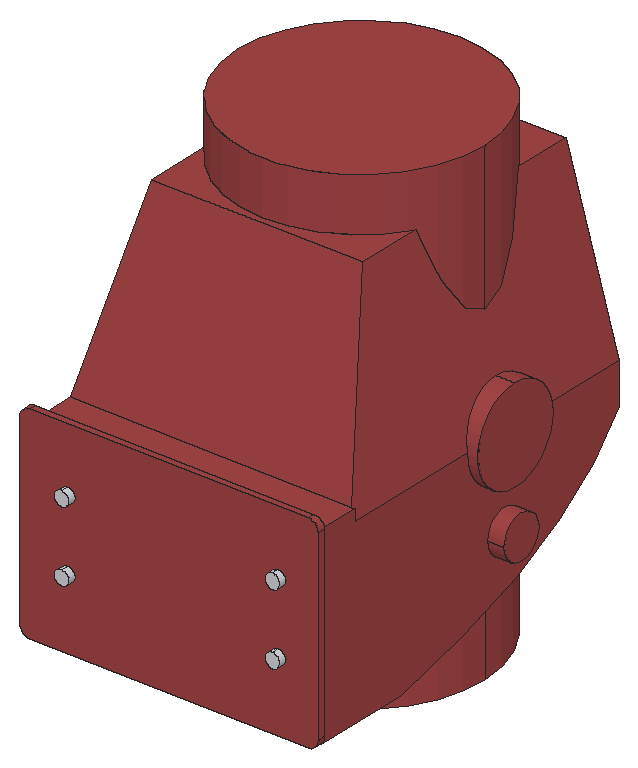
Revit family
Parameters (values of type "8" GG (PN 08547)")
  Weight = 106.00 lbf
  Viking Part Number = "08547"
  Valve extrude depth = 10.000"
  Valve Radius = Valve Diameter / 2  # 4.3125"
  Valve Height = 17.000"
  Valve Diameter = 8.625"
  Valve Body Top Offset = 15.125"
  Valve Body Bottom Offset = 2.000"
  URL = "http://www.vikinggroupinc.com/databook/checkvalves/102688.pdf"
  Rev. Date = "05-10-10"
  Pressure Rating = 250.00 psi
  Outlet Back Top Boss Offset = 4.813"
  Outlet Back Bottom Boss Offset = 4.813"
  Model = "G-1"
  Manufacturer = "The Viking Corporation"
  Main Drain Height = 8.313"
  Main Drain Extrude Right = 5.375"
  Main Drain Extrude Radius = 1.633"
  Gauge System Height = 14.125"
  Gauge Supply Height = 2.250"
  Gauge System Extrude = 4.750"
  Gauge Supply Extrude = 4.547"
  Friction Loss (Feet of Sch 40 Pipe) = 23.000"
  Flange Top Radius = 0.250"
  Flange Thickness = 1.125"
  Flange Bottom Radius = 0.250"
  Face Top = 8.750"
  Face Right = 8.000"
  Description = "Swing Check Valve"
  Connector Radius = 4.000"
  Bolts spacing Hor = 7.375"
  Bolts Spacing Top = 6.859"
  Bolts Spacing Bottom = 4.375"
  Bolt Start = 8.250"
  Body Right = 4.539"
  Body Left = 5.000"
  Body Bend Vert = 8.750"
  Body Bend Hoz = 6.551"
  Assembly Code = ""
  Alarm Line Back Top CL = 14.125"
  Alarm Line Back Bottom CL = 2.500"
  Alarm Drain cl = 5.176"
  Alarm Drain Extrude = 5.590"
Types (4): name | Weight | Viking Part Number | Valve extrude depth | Valve Radius | Valve Height | Valve Diameter | Valve Body Top Offset | Rev. Date | Outlet Back Top Boss Offset | Outlet Back Bottom Boss Offset | Main Drain Height | Main Drain Extrude Right | Main Drain Extrude Radius | Gauge System Height | Gauge Supply Height | Gauge System Extrude | Gauge Supply Extrude | Friction Loss (Feet of Sch 40 Pipe) | Flange Thickness | Face Top | Face Right | Connector Radius | Bolts spacing Hor | Bolts Spacing Top | Bolts Spacing Bottom | Bolt Start | Body Right | Body Left | Body Bend Vert | Body Bend Hoz | Alarm Line Back Top CL | Alarm Line Back Bottom CL | Alarm Drain cl | Alarm Drain Extrude
  4" GG (PN 08539) | 27.00 lbf | "08539" | 6.250" | 2.250" | 10.605" | 4.500" | 9.250" | "" | 2.813" | 2.813" | 7.375" | 3.625" | 1.633" | 8.375" | 1.875" | 2.750" | 2.500" | 13.000" | 0.938" | 5.398" | 4.602" | 2.000" | 4.250" | 4.625" | 2.875" | 4.898" | 2.250" | 3.188" | 5.801" | 3.688" | 8.375" | 2.250" | 3.313" | 3.875"
  8" GG (PN 08547) | 106.00 lbf | "08547" | 10.000" | 4.3125" | 17.000" | 8.625" | 15.125" | "05-10-10" | 4.813" | 4.813" | 8.313" | 5.375" | 1.633" | 14.125" | 2.250" | 4.750" | 4.547" | 23.000" | 1.125" | 8.750" | 8.000" | 4.000" | 7.375" | 6.859" | 4.375" | 8.250" | 4.539" | 5.000" | 8.750" | 6.551" | 14.125" | 2.500" | 5.176" | 5.590"
  6" GG (PN 08543) | 51.00 lbf | "08543" | 8.098" | 3.3125" | 13.367" | 6.625" | 12.152" | "" | 3.773" | 3.813" | 10.125" | 4.375" | 1.633" | 11.125" | 1.875" | 3.750" | 3.555" | 20.000" | 1.000" | 6.688" | 5.961" | 4.000" | 6.125" | 5.438" | 3.313" | 6.211" | 3.734" | 4.063" | 6.688" | 5.379" | 11.125" | 2.250" | 4.000" | 4.750"
  3" GG (PN 08536) | 20.00 lbf | "08536" | 5.375" | 1.750" | 10.188" | 3.500" | 9.000" | "" | 2.438" | 1.938" | 7.250" | 3.125" | 1.258" | 8.000" | 1.813" | 2.500" | 1.949" | 10.000" | 0.750" | 5.125" | 4.000" | 4.000" | 3.500" | 4.625" | 2.875" | 4.250" | 2.250" | 2.250" | 5.500" | 3.000" | 7.750" | 2.250" | 3.313" | 3.375"
Reference planes (in)
  plane 1 "Center (Front/Back)": y = 0
  plane 2 "Valve Bottom": z = 0
  plane 3 "Center (Left/Right)": x = 0
  plane 4 "Valve Top": z = 17
  plane 5 "Drain cl": z = 8.313
  plane 6 "Gauge Supply CL": z = 2.25
  plane 7 "Gauge System CL": z = 14.125
  plane 8 "body Bottom": z = 2
  plane 9 "Body Top": z = 15.125
  plane 10 "Face Top": z = 8.75
  plane 11 "Body Bend Vertical": z = 8.75
  plane 12 "Face Right": y = -8
  plane 13 "Body Bend Horizontal": y = -6.551
  plane 14 "Body Right": y = -4.539
  plane 15 "Body Left": y = 5
  plane 16 "Left": x = -5
  plane 17 "Right": x = 5
  plane 18 "Bolts Top": z = 6.859
  plane 19 "Bolts Bottom": z = 4.375
  plane 20 "Bolts Left": x = -3.6875
  plane 21 "Bolts Right": x = 3.6875
  plane 22 "Bolts Start": y = -8.25
  plane 23 "Cover Overhang Left": x = -5.35
  plane 24 "cover overhang bottom": z = 1.905
  plane 25 "Cover Overhang Top": z = 9.1
  plane 26 "Cover Overhang Right": x = 5.35
  plane 27 "Bolts End": y = -8.5
  plane 28 "Valve Diameter tangent left": x = -4.3125
  plane 29 "Valve Diameter tangent right": x = 4.3125
  plane 30 "Drain Extrude Right": x = 5.375
  plane 31 "Gauge System Extrude": x = -4.75
  plane 32 "Gauge Supply Extrude": x = -4.547
  plane 33 "Alarm Drain extrude": x = 5.59
  plane 34 "Alarm Drain CL": z = 5.176
  plane 35 "Pipe Tangent back": y = 4.3125
  plane 36 "Flange Bottom Length": z = 1.125
  plane 37 "Flange Top Length": z = 15.875
  plane 38 "Spline Hor": y = 2.828
  plane 39 "Outlet Back Top Boss Offset": y = 4.813
  plane 40 "Outlet Back Bottom Boss Offset": y = 4.813
  plane 41 "Alarm Line Back Bottom CL": z = 2.5
  plane 42 "Alarm Line Back Top CL": z = 14.125
Forms (in)
  Extrusion 1, solid, material "Valve"
    sketch origin (0, 0, 0) x (0, 1, 0) y (0, 0, 1)
      loop
        line (5, 15.125) -> (-4.539, 15.125) -> (-6.551, 8.75) -> (-8, 8.75) -> (-8, 2) -> (5, 2) -> (5, 15.125)
    from -5 to 5
  Extrusion 2, void
    sketch origin (0, 0, 0) x (0, 1, 0) y (0, 0, 1)
      loop
        line (4.5, 2) -> (5, 2) -> (5, 4.25)
        spline (5, 4.25) -> (4.99572, 3.95632) -> (4.98296, 3.66766) -> (4.96194, 3.38896) -> (4.93301, 3.125) -> (4.89668, 2.88029) -> (4.85355, 2.65901) -> (4.80438, 2.46495) -> (4.75, 2.30144) -> (4.69134, 2.17127) -> (4.62941, 2.07667) -> (4.56526, 2.01925) -> (4.5, 2)
    from -5 to 5
  Extrusion 3, solid, material "Valve", detail levels fine
    sketch origin (0, -8, 0) x (0, 0, 1) y (-1, 0, 0)
      loop
        line (8.75, 5.35) -> (2.255, 5.35)
        arc (2.255, 5.35) -> (2.00751, 5.24749) -> (1.905, 5) r 0.35
        line (1.905, 5) -> (1.905, -4.745)
        arc (1.905, -4.745) -> (2.00751, -4.99249) -> (2.255, -5.095) r 0.35
        line (2.255, -5.095) -> (8.75, -5.095)
        arc (8.75, -5.095) -> (8.99749, -4.99249) -> (9.1, -4.745) r 0.35
        line (9.1, -4.745) -> (9.1, 5)
        arc (9.1, 5) -> (8.99749, 5.24749) -> (8.75, 5.35) r 0.35
    from 0 to 0.25
  Extrusion 4, solid, material "Valve"
    sketch origin (0, 0, 0) x (0, 1, 0) y (0, 0, 1)
      loop
        circle (0, 14.125) r 0.54
    from 0 to -4.75
  Extrusion 5, solid, material "Valve"
    sketch origin (0, 0, 0) x (0, 1, 0) y (0, 0, 1)
      loop
        circle (0, 5.176) r 0.75
    from 0 to 5.59
  Extrusion 6, solid, detail levels fine
    sketch origin (0, -8.25, 0) x (0, 0, 1) y (-1, 0, 0)
      loop
        circle (6.859, 3.6875) r 0.25
      loop
        circle (6.859, -3.6875) r 0.25
      loop
        circle (4.375, -3.6875) r 0.25
      loop
        circle (4.375, 3.6875) r 0.25
    from 0 to 0.25
  Extrusion 7, solid, material "Valve"
    sketch origin (0, 0, 0) x (1, 0, 0) y (0, 1, 0)
      loop
        circle (0, 0) r 4.3125
    from 0.255 to 17
  Extrusion 8, solid, material "Valve"
    sketch origin (-5, 0, 0) x (0, 0, 1) y (0, -1, 0)
      loop
        circle (2.25, 0) r 0.54
    from 0.453 to 5
  Extrusion 9, solid, material "Valve", detail levels fine
    sketch origin (5, 0, 0) x (0, 0, -1) y (0, -1, 0)
      loop
        circle (-8.313, 0) r 1.633
    from -0.375 to 5
  Extrusion 10, solid, material "Valve"
    sketch origin (0, 0, 0) x (1, 0, 0) y (0, 1, 0)
      loop
        circle (0, 0) r 0.25
    from 0.255 to 1.125
  Extrusion 11, void
    sketch origin (-5, 0, 0) x (0, 0, 1) y (0, -1, 0)
      loop
        line (2, 4.539) -> (2, -5) -> (6.859, -5)
        spline (6.859, -5) -> (6.31221, -4.602) -> (5.79121, -4.13184) -> (5.29601, -3.5895) -> (4.82661, -2.975) -> (4.383, -2.28834) -> (3.96518, -1.52951) -> (3.57316, -0.69851) -> (3.20694, 0.20466) -> (2.86651, 1.18) -> (2.55188, 2.2275) -> (2.26304, 3.34717) -> (2, 4.539)
    from 0 to 10
  Extrusion 12, solid, material "Valve"
    sketch origin (0, 0, 0) x (1, 0, 0) y (0, 1, 0)
      loop
        circle (0, 0) r 0.25
    from 15.875 to 17
  Extrusion 13, void
    sketch origin (-5, 0, 0) x (0, 0, 1) y (0, -1, 0)
      loop
        line (8.313, -5) -> (15.125, -5) -> (15.125, -4.3125) -> (8.313, -5)
    from 0 to 10
  Extrusion 14, void
    sketch origin (0, 5, 0) x (0, 0, 1) y (-1, 0, 0)
      loop
        line (8.313, -5) -> (15.125, -5) -> (15.125, -3.6875) -> (8.313, -5)
    from 0 to 11.551
  Extrusion 15, void
    sketch origin (0, -4.539, 0) x (0, 0, 1) y (-1, 0, 0)
      loop
        line (8.313, 5) -> (15.125, 3.6875) -> (15.125, 5) -> (8.313, 5)
    from -9.539 to 12
  Extrusion 16, solid, detail levels fine
    sketch origin (0, 5, 0) x (0, 0, 1) y (-1, 0, 0)
      loop
        circle (14.125, 0) r 0.42
    from 0.187 to 5
  Extrusion 17, solid
    sketch origin (0, 5, 0) x (0, 0, 1) y (-1, 0, 0)
      loop
        circle (2.5, 0) r 0.5
    from 0.187 to 5
Cuts and joins
  Extrusion 11 cuts Extrusion 9
  Extrusion 2, Extrusion 11, Extrusion 13, Extrusion 14, Extrusion 15 cuts Extrusion 1
  Extrusion 11 cuts Extrusion 4
  Extrusion 11 cuts Extrusion 5
  Extrusion 13 cuts Extrusion 7
  Extrusion 14, Extrusion 15 cuts Extrusion 12
  joined: Extrusion 1, Extrusion 4, Extrusion 5, Extrusion 7, Extrusion 8, Extrusion 10, Extrusion 12
Lines and regions (in)
  model lines, detail levels fine
    curve 1: line (-5, -4.539, 2) -> (-5, 5, 6.859)
Dimensions and locks (in)
  "Valve Height": plane 4 "Valve Top" to plane 2 "Valve Bottom"
  "Main Drain Height": plane 5 "Drain cl" to plane 2 "Valve Bottom"
  "Gauge Supply Height": plane 6 "Gauge Supply CL" to plane 2 "Valve Bottom"
  "Gauge System Height": plane 7 "Gauge System CL" to plane 2 "Valve Bottom"
  "Valve Body Bottom Offset": plane 8 "body Bottom" to plane 2 "Valve Bottom"
  "Valve Body Top Offset": plane 9 "Body Top" to plane 2 "Valve Bottom"
  "Face Right": plane 1 "Center (Front/Back)" to plane 12 "Face Right"
  "Body Bend Hoz": plane 1 "Center (Front/Back)" to plane 13 "Body Bend Horizontal"
  "Body Right": plane 1 "Center (Front/Back)" to plane 14 "Body Right"
  "Face Top": plane 10 "Face Top" to plane 2 "Valve Bottom"
  "Body Bend Vert": plane 11 "Body Bend Vertical" to plane 2 "Valve Bottom"
  "Body Left": plane 15 "Body Left" to plane 1 "Center (Front/Back)"
  equal spacing: plane 17 "Right", plane 3 "Center (Left/Right)", plane 16 "Left"
  "Valve extrude depth": plane 17 "Right" to plane 16 "Left"
  equal spacing: plane 20 "Bolts Left", plane 3 "Center (Left/Right)", plane 21 "Bolts Right"
  "Bolts spacing Hor": plane 20 "Bolts Left" to plane 21 "Bolts Right"
  "Bolts Spacing Bottom": plane 19 "Bolts Bottom" to plane 2 "Valve Bottom"
  "Bolts Spacing Top": plane 18 "Bolts Top" to plane 2 "Valve Bottom"
  locked: plane 16 "Left" to plane 23 "Cover Overhang Left" at 0.35
  locked: plane 17 "Right" to plane 26 "Cover Overhang Right" at 0.35
  equal spacing: plane 28 "Valve Diameter tangent left", plane 3 "Center (Left/Right)", plane 29 "Valve Diameter tangent right"
  "Valve Diameter": plane 28 "Valve Diameter tangent left" to plane 29 "Valve Diameter tangent right"
  "Main Drain Extrude Right": plane 30 "Drain Extrude Right" to plane 3 "Center (Left/Right)"
  "Gauge System Extrude": plane 3 "Center (Left/Right)" to plane 31 "Gauge System Extrude"
  "Gauge Supply Extrude": plane 3 "Center (Left/Right)" to plane 32 "Gauge Supply Extrude"
  "Alarm Drain cl": plane 34 "Alarm Drain CL" to plane 2 "Valve Bottom"
  "Alarm Drain Extrude": plane 33 "Alarm Drain extrude" to plane 3 "Center (Left/Right)"
  "Bolt Start": plane 1 "Center (Front/Back)" to plane 22 "Bolts Start"
  "Valve Radius": plane 35 "Pipe Tangent back" to plane 1 "Center (Front/Back)"
  "Flange Thickness": plane 36 "Flange Bottom Length" to plane 2 "Valve Bottom"
  "Flange Thickness": plane 4 "Valve Top" to plane 37 "Flange Top Length"
  locked: plane 22 "Bolts Start" to plane 27 "Bolts End" at 0.25
  plane 8 "body Bottom" to plane 24 "cover overhang bottom" = 0.095"
  locked: plane 25 "Cover Overhang Top" to plane 10 "Face Top" at 0.35
  locked: plane 38 "Spline Hor" to plane 1 "Center (Front/Back)" at 2.828
  "Outlet Back Top Boss Offset": plane 39 "Outlet Back Top Boss Offset" to plane 1 "Center (Front/Back)"
  "Outlet Back Bottom Boss Offset": plane 40 "Outlet Back Bottom Boss Offset" to plane 1 "Center (Front/Back)"
  "Alarm Line Back Bottom CL": plane 41 "Alarm Line Back Bottom CL" to plane 2 "Valve Bottom"
  "Alarm Line Back Top CL": plane 42 "Alarm Line Back Top CL" to plane 2 "Valve Bottom"
  "Valve Radius": radius of Extrusion 7 sketch curve
  radius of Extrusion 8 sketch curve = 0.540"
  "Main Drain Extrude Radius": radius of Extrusion 9 sketch curve
  "Flange Bottom Radius": radius of Extrusion 10 sketch curve
  "Flange Top Radius": radius of Extrusion 12 sketch curve
  radius of Extrusion 16 sketch curve = 0.420"
  radius of Extrusion 17 sketch curve = 0.500"
  aligned and locked: Extrusion 1 to plane 16 "Left"
  aligned and locked: Extrusion 1 to plane 17 "Right"
  aligned and locked: Extrusion 2 to plane 17 "Right"
  aligned and locked: plane 31 "Gauge System Extrude" to Extrusion 4
  aligned and locked: plane 33 "Alarm Drain extrude" to Extrusion 5
  aligned and locked: plane 27 "Bolts End" to Extrusion 6
  aligned and locked: Extrusion 8 to plane 32 "Gauge Supply Extrude"
  aligned and locked: plane 3 "Center (Left/Right)" to Extrusion 8
  aligned and locked: Extrusion 9 to plane 30 "Drain Extrude Right"
  aligned and locked: Extrusion 9 to plane 3 "Center (Left/Right)"
  aligned and locked: Extrusion 11 to plane 17 "Right"
  aligned and locked: plane 4 "Valve Top" to Extrusion 7
  aligned and locked: plane 4 "Valve Top" to Extrusion 12
  aligned and locked: Extrusion 12 to plane 37 "Flange Top Length"
  aligned and locked: plane 36 "Flange Bottom Length" to Extrusion 10
  aligned and locked: Extrusion 13 to plane 17 "Right"
  aligned and locked: Extrusion 14 to plane 13 "Body Bend Horizontal"
  aligned and locked: plane 9 "Body Top" to Extrusion 15
  aligned and locked: plane 9 "Body Top" to Extrusion 14
  aligned and locked: cut or joined group 1 (Extrusion 1, Extrusion 2, Extrusion 4, Extrusion 5, Extrusion 7, Extrusion 8, Extrusion 10, Extrusion 11, Extrusion 12, Extrusion 13, Extrusion 14, Extrusion 15) to plane 15 "Body Left"
  aligned and locked: level to plane 2 "Valve Bottom"
  aligned and locked: Extrusion 16 to plane 39 "Outlet Back Top Boss Offset"
  aligned and locked: plane 1 "Center (Front/Back)" to Extrusion 16
  aligned and locked: plane 40 "Outlet Back Bottom Boss Offset" to Extrusion 17
  aligned and locked: plane 1 "Center (Front/Back)" to Extrusion 17
Automatic sketch dimensions
  Extrusion 1 sketch curve to plane 10 "Face Top" = 0.000"
  Extrusion 1 sketch curve to plane 12 "Face Right" = 0.000"
  Extrusion 1 sketch curve to plane 11 "Body Bend Vertical" = 0.000"
  Extrusion 1 sketch curve to plane 13 "Body Bend Horizontal" = 0.000"
  Extrusion 1 sketch curve to plane 9 "Body Top" = 0.000"
  Extrusion 1 sketch curve to plane 14 "Body Right" = 0.000"
  Extrusion 1 sketch curve to plane 15 "Body Left" = 0.000"
  Extrusion 1 sketch curve to plane 8 "body Bottom" = 0.000"
  Extrusion 2 sketch curve to plane 8 "body Bottom" = 0.000"
  Extrusion 2 sketch curve to plane 15 "Body Left" = 0.000"
  plane 19 "Bolts Bottom" to Extrusion 2 sketch curve = 0.125"
  Extrusion 2 sketch curve to Extrusion 2 sketch curve = 0.500"
  plane 17 "Right" to Extrusion 3 sketch curve = 0.255"
  Extrusion 3 sketch curve to plane 24 "cover overhang bottom" = 0.000"
  plane 8 "body Bottom" to Extrusion 3 sketch curve = 0.255"  (x2)
  Extrusion 3 sketch curve to plane 10 "Face Top" = 0.000"  (x2)
  Extrusion 3 sketch curve to plane 16 "Left" = 0.000"
  Extrusion 3 sketch curve to plane 25 "Cover Overhang Top" = 0.000"
  Extrusion 4 sketch curve to plane 1 "Center (Front/Back)" = 0.000"
  Extrusion 4 sketch curve to plane 7 "Gauge System CL" = 0.000"
  Extrusion 5 sketch curve to plane 1 "Center (Front/Back)" = 0.000"
  Extrusion 5 sketch curve to plane 34 "Alarm Drain CL" = 0.000"
  Extrusion 6 sketch curve to plane 19 "Bolts Bottom" = 0.000"  (x2)
  Extrusion 6 sketch curve to plane 18 "Bolts Top" = 0.000"  (x2)
  Extrusion 6 sketch curve to plane 21 "Bolts Right" = 0.000"  (x2)
  Extrusion 6 sketch curve to plane 20 "Bolts Left" = 0.000"  (x2)
  Extrusion 7 sketch curve to plane 1 "Center (Front/Back)" = 0.000"
  Extrusion 7 sketch curve to plane 3 "Center (Left/Right)" = 0.000"
  Extrusion 8 sketch curve to plane 1 "Center (Front/Back)" = 0.000"
  Extrusion 8 sketch curve to plane 6 "Gauge Supply CL" = 0.000"
  Extrusion 9 sketch curve to plane 1 "Center (Front/Back)" = 0.000"
  Extrusion 9 sketch curve to plane 5 "Drain cl" = 0.000"
  Extrusion 10 sketch curve to plane 1 "Center (Front/Back)" = 0.000"
  Extrusion 10 sketch curve to plane 3 "Center (Left/Right)" = 0.000"
  Extrusion 11 sketch curve to plane 8 "body Bottom" = 0.000"
  Extrusion 11 sketch curve to plane 18 "Bolts Top" = 0.000"
  Extrusion 11 sketch curve to plane 14 "Body Right" = 0.000"
  Extrusion 11 sketch curve to plane 15 "Body Left" = 0.000"
  curve 1 to plane 15 "Body Left" = 0.000"
  curve 1 to plane 18 "Bolts Top" = 0.000"
  curve 1 to plane 8 "body Bottom" = 0.000"
  curve 1 to plane 14 "Body Right" = 0.000"
  Extrusion 12 sketch curve to plane 1 "Center (Front/Back)" = 0.000"
  Extrusion 12 sketch curve to plane 3 "Center (Left/Right)" = 0.000"
  Extrusion 13 sketch curve to plane 5 "Drain cl" = 0.000"
  Extrusion 13 sketch curve to plane 9 "Body Top" = 0.000"
  Extrusion 13 sketch curve to plane 15 "Body Left" = 0.000"
  Extrusion 13 sketch curve to plane 35 "Pipe Tangent back" = 0.000"
  Extrusion 15 sketch curve to plane 5 "Drain cl" = 0.000"
  Extrusion 15 sketch curve to plane 9 "Body Top" = 0.000"
  Extrusion 15 sketch curve to plane 20 "Bolts Left" = 0.000"
  Extrusion 15 sketch curve to plane 16 "Left" = 0.000"
  Extrusion 14 sketch curve to plane 5 "Drain cl" = 0.000"
  Extrusion 14 sketch curve to plane 9 "Body Top" = 0.000"
  Extrusion 14 sketch curve to plane 17 "Right" = 0.000"
  Extrusion 14 sketch curve to plane 21 "Bolts Right" = 0.000"
  Extrusion 16 sketch curve to plane 3 "Center (Left/Right)" = 0.000"
  Extrusion 16 sketch curve to plane 42 "Alarm Line Back Top CL" = 0.000"
  Extrusion 17 sketch curve to plane 3 "Center (Left/Right)" = 0.000"
  Extrusion 17 sketch curve to plane 41 "Alarm Line Back Bottom CL" = 0.000"
  radius of Extrusion 5 sketch curve = 0.750"
  radius of Extrusion 6 sketch curve = 0.250"  (x4)
  radius of Extrusion 4 sketch curve = 0.540"
Connectors (in)
  piping at (0, 0, 0.255), driven by "Connector Radius"
    settings: on cut or joined group 1, index 2
  piping at (0, 0, 17), driven by "Connector Radius"
    settings: on cut or joined group 1, index 3
